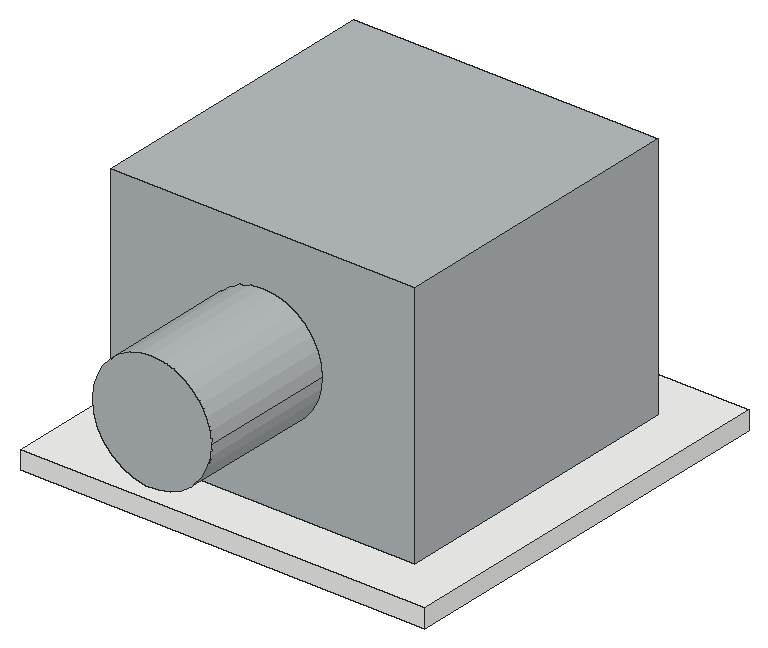
Revit family "vd-13_15zvy7_50Hz", category 機械設備, Revit 2019
Family settings
  丸型コネクタ寸法 = 直径を使用
  パーツ タイプ = 標準
  OmniClass 番号 = 23.75.35.17.27
  OmniClass タイトル = Centrifugal Fans
  作業面ベース = いいえ
  常に垂直 = はい
  ロード時にボイドで切り取り = いいえ
  共有 = いいえ
  部屋計算ポイント = はい
Parameters (values of type "VD-15ZVY7")
  騒音レベル(dB(A)) [instance] = 46
  風量 [instance] = 280.0 m³/h
  電源種別 [instance] = ""
  電圧 = 100 V
  電動機出力 = 0 W
  電動機_種別 [instance] = ""
  運転質量 = 0.00 kg
  連動 [instance] = ""
  質量 = if(製品質量 > 運転質量, 製品質量, 運転質量) * 1.2  # 5.04 kg
  負荷分類 = 3_ファン類
  説明 = "ダクト用換気扇 低騒音形 オール金属タイプ 24時間換気機能付 定風量タイプ"
  設計風量 [instance] = 0.0 m³/h
  設置方法 = "天埋"
  記号 [instance] = ""
  製造元 = "三菱電機株式会社"
  製品質量 = 4.20 kg
  製品出荷対象 = "国内"
  製品リリース年月 = "2024年6月3日"
  製品グループ = ""
  系統 [instance] = ""
  符号 [instance] = if(☑給気／□排気, "FS", "FE")  # "FE"
  積算_科目 = "2 換気設備"
  積算_拾い区分 [instance] = ""
  相 = 1
  盤記号 [instance] = ""
  発停方法 [instance] = ""
  特殊仕様 [instance] = ""
  火災停止 [instance] = ""
  消費電力 = 20.5 W
  法定耐用年数 = "15"
  機外静圧 [instance] = 0.0 Pa
  極数 = 2
  材質 [instance] = ""
  操作・制御方式 = ""
  操作・制御スイッチ = ""
  排気量 [instance] = if(☑給気／□排気, 0.0 m³/h, 設計風量)  # 0.0 m³/h
  形式 = "天井埋込ダクト形"
  幹線記号 [instance] = ""
  対象室 [instance] = ""
  実風量 [instance] = 0.0 m³/h
  始動方式 [instance] = "直入"
  外気量 [instance] = if(☑給気／□排気, 設計風量, 0.0 m³/h)  # 0.0 m³/h
  呼称 = "天井扇"
  周波数 = 50 Hz
  参照している仕様書等のバージョン = ""
  分類コード = "50052503100030"
  分類グループ = ""
  価格 = 52500
  企業コード = "108420"
  付属品_防振装置 = ""
  付属品 [instance] = ""
  仕様書バージョン = "Version1.0"
  モデル = "VD-15ZVY7"
  マテリアル = 鋼板
  ファンの種類 = ""
  ダクト径 = 100 mm
  コメント [instance] = ""
  Keynote = ""
  カバーマテリアル = 鋼板(白)
  ☑給気／□排気 [instance] = no
  Width = 251 mm
  W1 = 334 mm
  Version = ""
  Uniclass2015Version = "Systems v1.9"
  Uniclass2015Title = "Centrifugal fans"
  Uniclass2015Code = "Pr_65_67_29_12"
  URL = "https://www.mitsubishielectric.co.jp/ldg/wink/qr/002/333634/"
  SpecificationReference = ""
  SpecificationDescription = ""
  Revision = ""
  ProductInformation = ""
  OmniClassCode = "23-33 31 19 11 15"
  MIN風量 = 85.0 m³/h
  MIN静圧 = 80.0 Pa
  MID風量 = 160.0 m³/h
  MID静圧 = 140.0 Pa
  MAX風量 = 280.0 m³/h
  MAX静圧 = 0.0 Pa
  IfcTypeProduct = ""
  IfcProduct = ""
  IfcExportType = "PROPELLORAXIAL"
  IfcExportAs = "IfcFanType"
  Height = 204 mm
  H1 = 15 mm
  EAサイズ_D = 98 mm
  Duct_Height = 111 mm
  Duct_Depth = 114 mm
  Duct_Center = 0 mm
  Depth = 251 mm
  D1 = 334 mm
  Author = "三菱電機株式会社"
Types (2, lengths in mm): name | 騒音レベル(dB(A)) | 風量 | 質量 | 製品質量 | 消費電力 | 機外静圧 | 価格 | モデル | Width | W1 | URL | MIN風量 | MIN静圧 | MID風量 | MID静圧 | MAX風量 | MAX静圧 | Height | Duct_Height | Duct_Center | Depth | D1
  VD-13ZVY7 | 33 | 120.0 m³/h | 3.12 kg | 2.60 kg | 4.7 W | 80.0 Pa | 43700 | "VD-13ZVY7" | 195 | 282 | "https://www.mitsubishielectric.co.jp/ldg/wink/qr/002/333598/" | 75.0 m³/h | 60.0 Pa | 0.0 m³/h | 0.0 Pa | 120.0 m³/h | 80.0 Pa | 206 | 102 | 56 | 195 | 282
  VD-15ZVY7 | 46 | 280.0 m³/h | 5.04 kg | 4.20 kg | 20.5 W | 0.0 Pa | 52500 | "VD-15ZVY7" | 251 | 334 | "https://www.mitsubishielectric.co.jp/ldg/wink/qr/002/333634/" | 85.0 m³/h | 80.0 Pa | 160.0 m³/h | 140.0 Pa | 280.0 m³/h | 0.0 Pa | 204 | 111 | 0 | 251 | 334
Reference planes
  plane 1 "中心(正面/背面)": y = 0
  plane 2: z = 0
  plane 3 "中心(左/右)": x = 0
  plane 4: x = -167
  plane 5: x = 167
  plane 6: y = 167
  plane 7: y = -167
  plane 8: x = -125.5
  plane 9: x = 125.5
  plane 10: y = 125.5
  plane 11: y = -125.5
  plane 12: y = -239.5
  plane 13: z = 204
  plane 14: z = -15
  plane 15: z = 111
  plane 16: x = 0
Forms (mm)
  Extrusion 1, solid, material "鋼板" <- "マテリアル", detail levels fine
    sketch origin (0, 0, 0) x (1, 0, 0) y (0, 1, 0)
      loop
        line (-125.5, 125.5) -> (-125.5, -125.5) -> (125.5, -125.5) -> (125.5, 125.5) -> (-125.5, 125.5)
    from 0 to 204
  Extrusion 2, solid, material "鋼板(白)" <- "カバーマテリアル", detail levels fine
    sketch origin (0, 0, 0) x (1, 0, 0) y (0, 1, 0)
      loop
        line (-167, 167) -> (-167, -167) -> (167, -167) -> (167, 167) -> (-167, 167)
    from 0 to -15
  Extrusion 3, solid, material "鋼板" <- "マテリアル", detail levels fine
    sketch origin (0, 0, 0) x (1, 0, 0) y (0, 0, 1)
      loop
        circle (0, 111) r 49
    from 125.5 to 239.5
Dimensions and locks
  equal spacing: plane 4, plane 3 "中心(左/右)", plane 5
  "W1": plane 4 to plane 5
  equal spacing: plane 6, plane 1 "中心(正面/背面)", plane 7
  "D1": plane 6 to plane 7
  equal spacing: plane 8, plane 3 "中心(左/右)", plane 9
  "Width": plane 8 to plane 9
  equal spacing: plane 10, plane 1 "中心(正面/背面)", plane 11
  "Depth": plane 10 to plane 11
  "Duct_Depth": plane 11 to plane 12
  "Height": plane 13 to plane 2
  "Duct_Height": plane 15 to plane 2
  "H1": plane 2 to plane 14
  "Duct_Center": plane 3 "中心(左/右)" to plane 16
  "EAサイズ_D": diameter of Extrusion 3 sketch curve
  aligned and locked: level to plane 2
  aligned and locked: plane 5 to Extrusion 2
  aligned and locked: plane 6 to Extrusion 2
  aligned and locked: Extrusion 2 to plane 4
  aligned and locked: Extrusion 2 to plane 7
  aligned and locked: plane 9 to Extrusion 1
  aligned and locked: Extrusion 1 to plane 11
  aligned and locked: Extrusion 1 to plane 8
  aligned and locked: plane 10 to Extrusion 1
  aligned and locked: plane 13 to Extrusion 1
  aligned and locked: Extrusion 2 to plane 14
  aligned and locked: level to Extrusion 2
  aligned and locked: Extrusion 1 to level
  aligned and locked: Extrusion 3 to plane 12
  aligned and locked: plane 11 to Extrusion 3
Automatic sketch dimensions
  Extrusion 1 sketch curve to plane 3 "中心(左/右)" = 125.5 mm
  plane 3 "中心(左/右)" to Extrusion 1 sketch curve = 125.5 mm
  Extrusion 2 sketch curve to plane 3 "中心(左/右)" = 167 mm
  plane 3 "中心(左/右)" to Extrusion 2 sketch curve = 167 mm
  plane 1 "中心(正面/背面)" to Extrusion 1 sketch curve = 125.5 mm
  Extrusion 1 sketch curve to plane 1 "中心(正面/背面)" = 125.5 mm
  plane 1 "中心(正面/背面)" to Extrusion 2 sketch curve = 167 mm
  Extrusion 2 sketch curve to plane 1 "中心(正面/背面)" = 167 mm
  Extrusion 3 sketch curve to plane 15 = 0 mm
  Extrusion 3 sketch curve to plane 16 = 0 mm
Nested families
  nested 1: "記号_天井換気扇_平面" at (0, 0, 0), type "記号_天井換気扇_平面", detail levels coarse+medium
Connectors
  hvac at (0, -239.5, 111), driven by "ダクト径", driven by "風量", driven by "機外静圧"
    settings: on Extrusion 3, index 1, duct flow 280.0 m³/h, flow factor 0, pres drop 0.0 Pa, loss coef 0, conn angle 0.00°, conn width 304.8 mm, conn height 304.8 mm, conn diameter 100 mm, duct sys type 3, conn prof type 0, flow config 0, flow direction 2, loss method 4, conn ref index -1, conn util no, is conn primary yes, conn desc ""
  electrical at (0, 0, 204), driven by "極数", driven by "負荷分類", driven by "電圧", driven by "消費電力"
    settings: on Extrusion 1, index 2, voltage 100 V, apparent load 20.5 VA, apparent load phase1 0 VA, apparent load phase2 0 VA, apparent load phase3 0 VA, power factor 1, load classification "3_ファン類", number of poles 2, system type 30, power factor state 1, is connector primary yes, connector utility no, sub classification motor no, connector description ""
Definition of nested family "記号_天井換気扇_平面"
  Reference planes
    plane 1: y = 0
    plane 2: x = 0
  Lines and regions (mm)
    detail lines
      curve 1: line (-2.5, 2.5, 0) -> (2.5, 2.5, 0)
      curve 2: line (-2.5, -2.5, 0) -> (-2.5, 2.5, 0)
      curve 3: line (2.5, -2.5, 0) -> (-2.5, -2.5, 0)
      curve 4: line (2.5, 2.5, 0) -> (2.5, -2.5, 0)
      curve 5: circle (-1.04, -1.04, 0) r 1.46 normal (0, 0, 1)
      curve 6: circle (1.04, 1.04, 0) r 1.46 normal (0, 0, 1)
      curve 7: line (-3.125, 3.125, 0) -> (3.125, 3.125, 0)
      curve 8: line (-3.125, -3.125, 0) -> (-3.125, 3.125, 0)
      curve 9: line (3.125, -3.125, 0) -> (-3.125, -3.125, 0)
      curve 10: line (3.125, 3.125, 0) -> (3.125, -3.125, 0)
      curve 11: circle (1.295, 1.295, 0) r 1.83 normal (0, 0, 1)
      curve 12: circle (-1.295, -1.295, 0) r 1.83 normal (0, 0, 1)
      curve 13: line (-2, 2, 0) -> (2, 2, 0)
      curve 14: line (-2, -2, 0) -> (-2, 2, 0)
      curve 15: line (2, -2, 0) -> (-2, -2, 0)
      curve 16: line (2, 2, 0) -> (2, -2, 0)
      curve 17: circle (0.84, 0.84, 0) r 1.16 normal (0, 0, 1)
      curve 18: circle (-0.84, -0.84, 0) r 1.2 normal (0, 0, 1)
